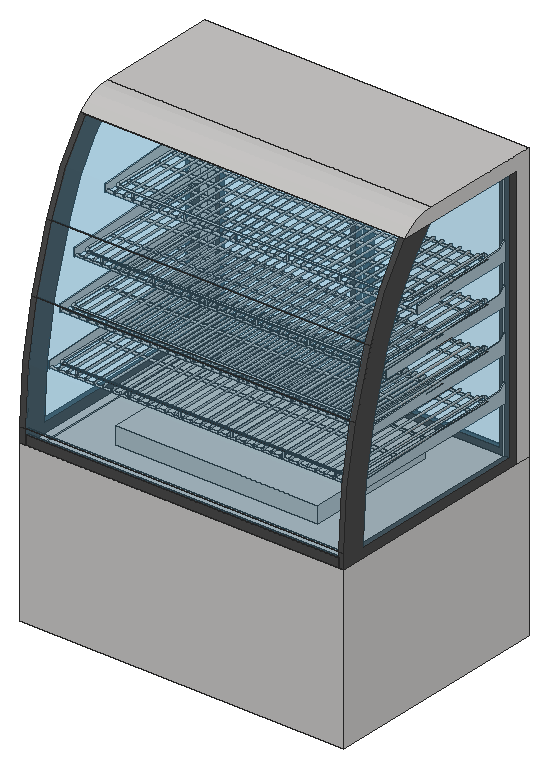
Revit family "QF_FESTIVE_LH9", category Specialty Equipment, Revit 2020
Family settings
  Round Connector Dimension = Use Diameter
  Part Type = Normal
  Work Plane-Based = No
  Always vertical = Yes
  Cut with Voids When Loaded = No
  Shared = No
  Room Calculation Point = No
Parameters (values of type "LH9_220-240/50/1")
  Weight in Kilograms = 145
  Watts = if(Phase = 3, Volts * FL Amps * 1.73, Volts * FL Amps)  # 2024 W
  Volts = 220 V
  URL Cutsheet = ""
  Specification by User = ""
  Specification by Manufacturer = ""
  Shelf Length [instance] = Length - 30 mm  # 870 mm
  Serial Number = ""
  Seismic Rating = ""
  SMACNA No = ""
  Revision Code = ""
  Phase = 1
  Number of Poles = 1
  NAFEM Spec ID Number = ""
  Model = "LH9"
  Min Ckt Ampacity = 0 A
  Max Overcurrent Protection = 0 A
  Masterspec = ""
  Manufacturer = "FESTIVE"
  Length = 900 mm
  Item Number = ""
  Installed By = ""
  Identify Quantity as Lot = yes
  Height = 1400 mm
  HP = ""
  Furnished By = ""
  Foodservice Equipment Identifier = yes
  FL Amps = 9.2 A
  Electrical Remarks = ""
  Electric Connection Type = ""
  Elec Conn RI Height = 0 mm
  Elec Conn Connection Height = 0 mm
  Description = "LINCOLN: HEATED"
  Depth = 640 mm
  Default Elevation = 0 mm
  Cycle = 50 Hz
  Conn Plug = "10A Plug"
  Conn Conduit = yes
  CSI MasterFormat = ""
  Base Cover 2 [instance] = Length = 1530 mm  # no
  Base Cover 1 [instance] = Length < 1201 mm  # yes
  Apparent Power = if(Phase = 3, Volts * FL Amps * 1.73, Volts * FL Amps)  # 2024 VA
Reference planes
  plane 1 "BACK": y = 0
  plane 2: z = 0
  plane 3 "LEFT": x = 0
  plane 4 "RIGHT": x = 900
  plane 5 "FRONT": y = -640
  plane 6 "TOP": z = 1240
  plane 7 "Center Y": x = 450
  plane 8 "Center X": y = -320
  plane 9: z = 470
  plane 10: z = 25.4
  plane 11: x = 40
  plane 12: x = 860
  plane 13: x = 15
  plane 14: x = 885
  plane 15: x = 807.5
  plane 16: x = 92.5
  plane 17: y = 15
Forms (mm)
  Extrusion 1, solid, material "QF_Metal - Stainless - Brushed"
    sketch origin (-6096, 34.743, 25.4) x (0, 1, 0) y (-1, 0, 0)
      loop
        line (-34.743, -6096) -> (-674.743, -6096) -> (-674.743, -6996) -> (-34.743, -6996) -> (-34.743, -6956) -> (-634.743, -6956) -> (-634.743, -6136) -> (-34.743, -6136) -> (-34.743, -6096)
    from 0 to 444.6
  Extrusion 2, solid, material "QF_Metal - Stainless - Brushed"
    sketch origin (-6096, 152.961, 470) x (0, 1, 0) y (-1, 0, 0)
      loop
        line (-152.961, -6996) -> (-152.961, -6956) -> (-192.961, -6956) -> (-192.961, -6996) -> (-152.961, -6996)
      loop
        line (-152.961, -6096) -> (-192.961, -6096) -> (-192.961, -6136) -> (-152.961, -6136) -> (-152.961, -6096)
    from 0 to 770
  Extrusion 3, solid, material "Glass"
    sketch origin (0, 0, 0) x (0, 1, 0) y (0, 0, 1)
      loop
        line (-55, 1200) -> (-343.102, 1200)
        arc (-343.102, 1200) -> (-425.006, 1093.038) -> (-482.383, 971.149) r 632.075
        arc (-482.383, 971.149) -> (-509.905, 886.436) -> (-534.265, 800.759) r 2399.94
        arc (-534.265, 800.759) -> (-564.004, 644.548) -> (-571.576, 485.711) r 1132.811
        line (-571.576, 485.711) -> (-55, 485.711) -> (-55, 1200)
    from 0 to 15
  Extrusion 4, solid, material "Glass"
    sketch origin (900, 0, 0) x (0, -1, 0) y (0, 0, 1)
      loop
        line (55, 1200) -> (55, 485) -> (574.724, 485)
        arc (574.724, 485) -> (567.049, 644.057) -> (537.168, 800.47) r 1134.026
        arc (537.168, 800.47) -> (513.547, 883.55) -> (486.952, 965.728) r 2401.095
        arc (486.952, 965.728) -> (427.946, 1090.797) -> (343.102, 1200) r 630.727
        line (343.102, 1200) -> (55, 1200)
    from 0 to 15
  Extrusion 5, solid, material "QF_Metal - Stainless - Brushed"
    sketch origin (389.467, 0, -196.242) x (1, 0, 0) y (0, 0, -1)
      loop
        line (450.695, -399.744) -> (450.695, -299.744) -> (360.695, -299.744) -> (360.695, -399.744) -> (450.695, -399.744)
    from 0 to 15
  Extrusion 6, solid, material "QF_Metal - Stainless - Brushed"
    sketch origin (0, 0, 0) x (1, 0, 0) y (0, 0, 1)
      loop
        line (860, 376.925) -> (40, 376.925) -> (40, 70.07) -> (145, 70.07) -> (145, 31.8) -> (755, 31.8) -> (755, 69.875) -> (860, 69.875) -> (860, 376.925)
    from 0 to 600
  Extrusion 7, solid
    sketch origin (0, 0, 0) x (-1, 0, 0) y (0, 0, 1)
      loop
        circle (-745, 36.8) r 5
    from 0 to 3.2
  Extrusion 8, solid, material "QF_Metal - Stainless - Brushed"
    sketch origin (860, 0, 25.4) x (1, 0, 0) y (0, 0, -1)
      loop
        line (0, -351.525) -> (-820, -351.525) -> (-820, -444.6) -> (0, -444.6) -> (0, -351.525)
      loop
        line (0, 0) -> (-820, 0) -> (-820, -6.4) -> (0, -6.4) -> (0, 0)
    from 0 to -3.2
  Extrusion 9, solid, material "QF_Plastic - Red - Smooth"
    sketch origin (389.467, 15, -196.242) x (1, 0, 0) y (0, 0, -1)
      loop
        line (432.495, -336.936) -> (432.495, -311.419) -> (423.895, -311.419) -> (423.895, -336.936) -> (432.495, -336.936)
      loop
        line (387.495, -336.936) -> (387.495, -311.419) -> (378.895, -311.419) -> (378.895, -336.936) -> (387.495, -336.936)
    from 0 to 3.2
  Extrusion 10, solid, material "QF_Plastic - Black - Smooth"
    sketch origin (0, 0, 0) x (0, 1, 0) y (0, 0, 1)
      loop
        line (-40, 470) -> (-40, 1200) -> (-65, 1200) -> (-65, 495) -> (-575, 495) -> (-575, 510)
        arc (-575, 510) -> (-565.502, 656.462) -> (-537.168, 800.47) r 1134.026
        arc (-537.168, 800.47) -> (-513.547, 883.55) -> (-486.952, 965.728) r 2401.095
        arc (-486.952, 965.728) -> (-427.946, 1090.797) -> (-343.102, 1200) r 630.727
        line (-343.102, 1200) -> (-430, 1200)
        arc (-430, 1200) -> (-498.623, 1098.654) -> (-548.424, 986.85) r 695.727
        arc (-548.424, 986.85) -> (-575.739, 902.449) -> (-600, 817.119) r 2466.095
        arc (-600, 817.119) -> (-629.958, 664.856) -> (-640, 510) r 1199.026
        line (-640, 510) -> (-640, 470) -> (-40, 470)
    from 0 to 15
  Extrusion 11, solid, material "QF_Metal - Stainless - Brushed"
    sketch origin (0, 0, 0) x (0, 1, 0) y (0, 0, 1)
      loop
        line (0, 1200) -> (0, 1240) -> (-335, 1240)
        arc (-335, 1240) -> (-386.539, 1229.592) -> (-430, 1200) r 132.813
        line (-430, 1200) -> (0, 1200)
    from 0 to 900
  Extrusion 12, solid, material "QF_Plastic - Black - Smooth"
    sketch origin (900, 0, 0) x (0, -1, 0) y (0, 0, 1)
      loop
        line (40, 470) -> (640, 470) -> (640, 510)
        arc (640, 510) -> (629.958, 664.856) -> (600, 817.119) r 1199.026
        arc (600, 817.119) -> (575.739, 902.449) -> (548.424, 986.85) r 2466.095
        arc (548.424, 986.85) -> (498.623, 1098.654) -> (430, 1200) r 695.727
        line (430, 1200) -> (343.102, 1200)
        arc (343.102, 1200) -> (427.946, 1090.797) -> (486.952, 965.728) r 630.727
        arc (486.952, 965.728) -> (513.547, 883.55) -> (537.168, 800.47) r 2401.095
        arc (537.168, 800.47) -> (565.502, 656.462) -> (575, 510) r 1134.026
        line (575, 510) -> (575, 495) -> (65, 495) -> (65, 1200) -> (40, 1200) -> (40, 470)
    from 0 to 15
  Extrusion 13, solid, material "Glass"
    sketch origin (0, 0, 0) x (0, 1, 0) y (0, 0, 1)
      loop
        arc (-548.424, 986.85) -> (-575.739, 902.449) -> (-600, 817.119) r 2466.095
        arc (-600, 817.119) -> (-629.958, 664.856) -> (-640, 510) r 1199.026
        line (-640, 510) -> (-640, 495) -> (-633.6, 495) -> (-633.6, 510)
        arc (-633.6, 510) -> (-623.612, 664.03) -> (-593.814, 815.48) r 1192.626
        arc (-593.814, 815.48) -> (-569.615, 900.588) -> (-542.371, 984.771) r 2459.695
        arc (-542.371, 984.771) -> (-491.755, 1097.827) -> (-421.722, 1200) r 689.327
        line (-421.722, 1200) -> (-430, 1200)
        arc (-430, 1200) -> (-498.623, 1098.654) -> (-548.424, 986.85) r 695.727
    from 15 to 885
  Extrusion 14, solid, material "QF_Metal - Stainless - Brushed"
    sketch origin (-6096, 34.743, 470) x (0, 1, 0) y (-1, 0, 0)
      loop
        line (-634.743, -6136) -> (-634.743, -6956) -> (-34.743, -6956) -> (-34.743, -6136) -> (-634.743, -6136)
    from 0 to -20
  Extrusion 15, solid, material "QF_Metal - Stainless - Brushed", visible <- "Base Cover 1"
    sketch origin (-6096, 34.743, 470) x (0, 1, 0) y (-1, 0, 0)
      loop
        line (-183.538, -6266) -> (-553.538, -6266) -> (-553.538, -6826) -> (-183.538, -6826) -> (-183.538, -6266)
    from 0 to 47.182
  Extrusion 16, solid, material "QF_Plastic - Black - Smooth"
    sketch origin (15, 0, 0) x (0, 1, 0) y (0, 0, 1)
      loop
        line (-633.6, 495) -> (-640, 495) -> (-640, 470) -> (-633.6, 470) -> (-633.6, 495)
    from 0 to 870
  Extrusion 17, solid, material "QF_Metal - Stainless - Brushed", visible <- "Base Cover 2"
    sketch origin (-6096, 34.743, 470) x (0, 1, 0) y (-1, 0, 0)
      loop
        line (-183.538, -6266) -> (-553.538, -6266) -> (-553.538, -6526) -> (-183.538, -6526) -> (-183.538, -6266)
      loop
        line (-553.538, -6826) -> (-183.538, -6826) -> (-183.538, -6566) -> (-553.538, -6566) -> (-553.538, -6826)
    from 0 to 47.182
Cuts and joins
  joined: Extrusion 2, Extrusion 11
Lines and regions (mm)
  Split face 1
    outline origin (410.303, 15, -237.471) x (1, 0, 0) y (0, 0, -1)
      loop
        line (414.859, -381.365) -> (414.859, -349.447) -> (399.859, -349.447) -> (399.859, -381.365) -> (414.859, -381.365)
  Split face 2
    outline origin (580.021, 15, -155.014) x (-1, 0, 0) y (0, 0, 1)
      loop
        line (-185.141, 298.908) -> (-200.141, 298.908) -> (-200.141, 266.99) -> (-185.141, 266.99) -> (-185.141, 298.908)
  Split face 3
    outline origin (389.467, 15, -196.242) x (1, 0, 0) y (0, 0, -1)
      loop
        arc (439.445, -393.619) -> (443.667, -377.428) -> (439.445, -361.238) r 33.153
        line (439.445, -361.238) -> (371.945, -361.238)
        arc (371.945, -361.238) -> (367.723, -377.428) -> (371.945, -393.619) r 33.153
        line (371.945, -393.619) -> (439.445, -393.619)
  Split face 4
    outline origin (389.467, 15, -196.242) x (1, 0, 0) y (0, 0, -1)
      loop
        arc (435.695, -388.563) -> (437.031, -377.507) -> (435.695, -366.451) r 46.41
        line (435.695, -366.451) -> (395.695, -366.451) -> (395.695, -388.563) -> (435.695, -388.563)
  symbolic lines
    curve 1: line (0, 0, 1240) -> (900, 0, 1240)
    curve 2: line (0, -640, 1240) -> (0, 0, 1240)
    curve 3: line (900, -640, 1240) -> (0, -640, 1240)
    curve 4: line (900, 0, 1240) -> (900, -640, 1240)
    curve 5: line (0, -430, 1240) -> (900, -430, 1240)
    curve 6: line (885, -430, 1240) -> (885, -640, 1240)
    curve 7: line (15, -430, 1240) -> (15, -640, 1240)
    curve 8: line (750.162, 15, 1240) -> (750.162, 0, 1240)
    curve 9: line (840.162, 15, 1240) -> (750.162, 15, 1240)
    curve 10: line (840.162, 0, 1240) -> (840.162, 15, 1240)
Dimensions and locks
  equal spacing: plane 3 "LEFT", plane 7 "Center Y", plane 4 "RIGHT"
  "Length": plane 3 "LEFT" to plane 4 "RIGHT"
  equal spacing: plane 5 "FRONT", plane 8 "Center X", plane 1 "BACK"
  "Depth": plane 5 "FRONT" to plane 1 "BACK"
  plane 6 "TOP" to plane 9 to level = 770 mm, 470 mm  (x2)
  plane 1 "BACK" to plane 5 "FRONT" = 640 mm
  locked: plane 11 to plane 3 "LEFT" at 40
  locked: plane 12 to plane 4 "RIGHT" at 40
  locked: plane 3 "LEFT" to plane 13 at 15
  locked: plane 4 "RIGHT" to plane 14 at 15
  locked: plane 5 "FRONT" to nested 5 at 45
  locked: plane 5 "FRONT" to nested 4 at 45
  locked: plane 15 to plane 4 "RIGHT" at 92.5
  locked: plane 16 to plane 3 "LEFT" at 92.5
  plane 1 "BACK" to plane 17 = 15 mm
  Extrusion 17 sketch curve to plane 7 "Center Y" to Extrusion 17 sketch curve = 20 mm locked, 20 mm locked
  locked: plane 7 "Center Y" to nested 9 at 20
  locked: plane 7 "Center Y" to nested 10 at 20
  aligned and locked: level to plane 2
  aligned and locked: plane 9 to Extrusion 1
  aligned and locked: plane 6 "TOP" to Extrusion 2
  aligned and locked: plane 16 to nested 3
  aligned and locked: plane 16 to nested 4
  aligned and locked: nested 6 to plane 15
  aligned and locked: nested 5 to plane 15
  aligned and locked: Extrusion 1 to Extrusion 8 sketch curve  (x2)
  aligned and locked: Extrusion 8 sketch curve to Extrusion 1  (x2)
  aligned and locked: plane 13 to Extrusion 13
  aligned and locked: Extrusion 13 to plane 14
  aligned and locked: cut or joined group of Extrusion 2, Extrusion 11 to plane 4 "RIGHT"
  aligned and locked: Extrusion 16 to Extrusion 12
  aligned and locked: plane 12 to nested 10
  aligned and locked: plane 11 to nested 9
Automatic sketch dimensions
  Extrusion 1 sketch curve to plane 3 "LEFT" = 0 mm
  plane 5 "FRONT" to Extrusion 1 sketch curve = 0 mm
  Extrusion 1 sketch curve to plane 12 = 0 mm
  Extrusion 1 sketch curve to plane 11 = 0 mm
  plane 1 "BACK" to Extrusion 1 sketch curve = 0 mm  (x2)
  Extrusion 1 sketch curve to plane 4 "RIGHT" = 0 mm
  Extrusion 1 sketch curve to plane 5 "FRONT" = 40 mm
  Extrusion 2 sketch curve to plane 11 = 0 mm
  Extrusion 2 sketch curve to plane 4 "RIGHT" = 0 mm
  Extrusion 2 sketch curve to plane 3 "LEFT" = 0 mm
  Extrusion 2 sketch curve to plane 12 = 0 mm
  plane 1 "BACK" to Extrusion 2 sketch curve = 0 mm  (x2)
  Extrusion 2 sketch curve to Extrusion 2 sketch curve = 40 mm  (x2)
  plane 9 to Extrusion 3 sketch curve = 15.711 mm
  Extrusion 3 sketch curve to plane 5 "FRONT" = 68.424 mm
  Extrusion 3 sketch curve to plane 8 "Center X" = 23.102 mm
  Extrusion 3 sketch curve to plane 6 "TOP" = 40 mm
  plane 1 "BACK" to Extrusion 3 sketch curve = 55 mm
  plane 17 to Extrusion 3 sketch curve = 99.932 mm
  plane 9 to Extrusion 3 sketch curve = 41.322 mm
  Extrusion 3 sketch curve to Extrusion 3 sketch curve = 446.013 mm
  plane 10 to Extrusion 3 sketch curve = 161.959 mm
  Extrusion 3 sketch curve to Extrusion 3 sketch curve = 1225.017 mm
  Extrusion 3 sketch curve to Extrusion 3 sketch curve = 278.715 mm
  Extrusion 3 sketch curve to plane 5 "FRONT" = 105.735 mm
  plane 10 to Extrusion 4 sketch curve = 160.052 mm
  plane 17 to Extrusion 4 sketch curve = 1768.825 mm
  plane 9 to Extrusion 4 sketch curve = 40 mm
  plane 17 to Extrusion 4 sketch curve = 544.026 mm
  plane 17 to Extrusion 4 sketch curve = 94.542 mm
  plane 9 to Extrusion 4 sketch curve = 15 mm
  plane 1 "BACK" to Extrusion 4 sketch curve = 55 mm
  Extrusion 4 sketch curve to plane 8 "Center X" = 23.102 mm
  Extrusion 4 sketch curve to plane 5 "FRONT" = 65.276 mm
  plane 9 to Extrusion 4 sketch curve = 290.763 mm
  Extrusion 4 sketch curve to plane 6 "TOP" = 40 mm
  Extrusion 4 sketch curve to Extrusion 4 sketch curve = 0 mm
  curve 4 to plane 4 "RIGHT" = 0 mm
  curve 6 to plane 14 = 0 mm
  plane 5 "FRONT" to curve 7 = 0 mm
  curve 7 to plane 13 = 0 mm
  curve 3 to plane 3 "LEFT" = 0 mm
  plane 1 "BACK" to curve 1 = 0 mm
  curve 5 to plane 8 "Center X" = 110 mm
  plane 15 to Extrusion 5 sketch curve = 57.338 mm
  plane 12 to Extrusion 5 sketch curve = 19.838 mm
  plane 10 to Extrusion 5 sketch curve = 178.101 mm
  plane 10 to Extrusion 5 sketch curve = 78.101 mm
  Split face 1 sketch curve to Extrusion 5 = 30 mm
  Split face 1 sketch curve to Extrusion 5 = 15 mm
  Split face 1 sketch curve to Extrusion 5 = 40.393 mm
  Split face 1 sketch curve to Extrusion 5 = 8.475 mm
  Extrusion 6 sketch curve to plane 11 = 0 mm
  plane 12 to Extrusion 6 sketch curve = 0 mm
  plane 10 to Extrusion 6 sketch curve = 6.4 mm
  plane 16 to Extrusion 6 sketch curve = 52.5 mm
  plane 15 to Extrusion 6 sketch curve = 52.5 mm
  plane 10 to Extrusion 6 sketch curve = 44.475 mm
  Extrusion 6 sketch curve to Extrusion 6 sketch curve = 38.27 mm
  Extrusion 6 sketch curve to plane 9 = 93.075 mm
  Extrusion 7 sketch curve to Extrusion 6 = 10 mm
  Extrusion 7 sketch curve to Extrusion 6 = 5 mm
  Extrusion 8 sketch curve to Extrusion 1 = 0 mm  (x2)
  Extrusion 1 to Extrusion 8 sketch curve = 93.075 mm
  Extrusion 8 sketch curve to Extrusion 8 sketch curve = 6.4 mm
  Split face 2 sketch curve to Extrusion 5 = 30 mm
  Split face 2 sketch curve to Extrusion 5 = 15 mm
  Split face 2 sketch curve to Extrusion 5 = 8.475 mm
  Split face 2 sketch curve to Split face 2 sketch curve = 31.918 mm
  Split face 3 sketch curve to Extrusion 5 = 11.25 mm  (x4)
  Split face 3 sketch curve to Split face 3 sketch curve = 28.931 mm
  Split face 3 sketch curve to Split face 3 sketch curve = 9.638 mm
  Split face 3 sketch curve to Extrusion 5 = 6.125 mm
  Split face 3 sketch curve to Extrusion 5 = 22.316 mm
  Extrusion 9 sketch curve to Extrusion 5 = 18.2 mm
  Extrusion 9 sketch curve to Extrusion 9 sketch curve = 8.6 mm  (x2)
  Extrusion 9 sketch curve to Extrusion 5 = 26.8 mm
  Extrusion 9 sketch curve to Extrusion 5 = 37.193 mm  (x2)
  Extrusion 9 sketch curve to Extrusion 5 = 11.675 mm  (x2)
  Split face 4 sketch curve to Extrusion 5 = 29.926 mm
  Split face 4 sketch curve to Split face 4 sketch curve = 5.074 mm
  Split face 4 sketch curve to Extrusion 5 = 15 mm  (x2)
  Split face 4 sketch curve to Extrusion 5 = 11.181 mm
  Split face 4 sketch curve to Split face 4 sketch curve = 11.056 mm
  Extrusion 10 sketch curve to Extrusion 10 sketch curve = 0 mm  (x8)
  Extrusion 10 sketch curve to plane 5 "FRONT" = 0 mm
  Extrusion 10 sketch curve to plane 9 = 0 mm
  plane 9 to Extrusion 10 sketch curve = 25 mm
  Extrusion 10 sketch curve to plane 5 "FRONT" = 65 mm
  Extrusion 10 sketch curve to plane 6 "TOP" = 40 mm  (x2)
  Extrusion 10 sketch curve to plane 8 "Center X" = 110 mm
  Extrusion 10 sketch curve to plane 8 "Center X" = 23.102 mm
  plane 1 "BACK" to Extrusion 10 sketch curve = 65 mm
  Extrusion 10 sketch curve to Extrusion 10 sketch curve = 25 mm
  plane 17 to Extrusion 10 sketch curve = 94.542 mm
  plane 9 to Extrusion 10 sketch curve = 40 mm
  Extrusion 10 sketch curve to Extrusion 10 sketch curve = 449.483 mm
  plane 10 to Extrusion 10 sketch curve = 160.052 mm
  Extrusion 10 sketch curve to Extrusion 10 sketch curve = 1224.8 mm
  plane 9 to Extrusion 10 sketch curve = 290.763 mm
  Extrusion 11 sketch curve to plane 6 "TOP" = 0 mm
  Extrusion 11 sketch curve to plane 1 "BACK" = 0 mm
  Extrusion 11 sketch curve to plane 8 "Center X" = 15 mm
  Extrusion 11 sketch curve to plane 6 "TOP" = 40 mm
  Extrusion 11 sketch curve to Extrusion 11 sketch curve = 95 mm
  Extrusion 12 sketch curve to Extrusion 12 sketch curve = 0 mm  (x8)
  Extrusion 12 sketch curve to plane 9 = 0 mm
  Extrusion 12 sketch curve to plane 5 "FRONT" = 0 mm
  plane 9 to Extrusion 12 sketch curve = 25 mm
  Extrusion 12 sketch curve to plane 5 "FRONT" = 65 mm
  Extrusion 12 sketch curve to plane 6 "TOP" = 40 mm  (x2)
  Extrusion 12 sketch curve to plane 8 "Center X" = 110 mm
  Extrusion 12 sketch curve to plane 8 "Center X" = 23.102 mm
  plane 1 "BACK" to Extrusion 12 sketch curve = 65 mm
  Extrusion 12 sketch curve to Extrusion 12 sketch curve = 25 mm
  plane 17 to Extrusion 12 sketch curve = 94.542 mm
  plane 9 to Extrusion 12 sketch curve = 40 mm
  Extrusion 12 sketch curve to Extrusion 12 sketch curve = 449.483 mm
  plane 10 to Extrusion 12 sketch curve = 160.052 mm
  Extrusion 12 sketch curve to Extrusion 12 sketch curve = 1224.8 mm
  plane 9 to Extrusion 12 sketch curve = 290.763 mm
  Extrusion 13 sketch curve to Extrusion 13 sketch curve = 0 mm  (x8)
  Extrusion 13 sketch curve to plane 5 "FRONT" = 0 mm
  Extrusion 13 sketch curve to plane 5 "FRONT" = 6.4 mm
  Extrusion 13 sketch curve to plane 8 "Center X" = 110 mm
  Extrusion 13 sketch curve to Extrusion 13 sketch curve = 8.278 mm
  plane 17 to Extrusion 13 sketch curve = 94.542 mm
  plane 9 to Extrusion 13 sketch curve = 40 mm
  Extrusion 13 sketch curve to Extrusion 13 sketch curve = 449.483 mm
  plane 10 to Extrusion 13 sketch curve = 160.052 mm
  Extrusion 13 sketch curve to Extrusion 13 sketch curve = 1224.8 mm
  Extrusion 13 sketch curve to Extrusion 13 sketch curve = 15 mm
  plane 9 to Extrusion 13 sketch curve = 290.763 mm
  Extrusion 13 sketch curve to plane 6 "TOP" = 40 mm
  Extrusion 14 sketch curve to Extrusion 1 = 0 mm  (x3)
  Extrusion 1 to Extrusion 14 sketch curve = 0 mm
  Extrusion 15 sketch curve to plane 5 "FRONT" = 121.205 mm
  plane 1 "BACK" to Extrusion 15 sketch curve = 148.795 mm
  plane 15 to Extrusion 15 sketch curve = 77.5 mm
  plane 16 to Extrusion 15 sketch curve = 77.5 mm
  Extrusion 16 sketch curve to Extrusion 10 = 0 mm  (x2)
  Extrusion 10 to Extrusion 16 sketch curve = 0 mm
  Extrusion 16 sketch curve to Extrusion 10 = 6.4 mm
  plane 1 "BACK" to curve 10 = 0 mm
  curve 9 to plane 17 = 0 mm
  plane 1 "BACK" to curve 8 = 0 mm
  plane 12 to curve 9 = 19.838 mm
  plane 15 to curve 9 = 57.338 mm
  Extrusion 17 sketch curve to plane 5 "FRONT" = 121.205 mm  (x2)
  plane 1 "BACK" to Extrusion 17 sketch curve = 148.795 mm  (x2)
  plane 15 to Extrusion 17 sketch curve = 77.5 mm
  plane 16 to Extrusion 17 sketch curve = 77.5 mm
  radius of Extrusion 7 sketch curve = 5 mm
Nested families
  nested 1: "PARAMETRIC SHELF" at (15, -40, 866.071), Length <- "Shelf Length", type "PARAMETRIC SHELF"
    with Rail Depth 382 mm, Rail 2 6, No. of Rail 34, Length 870 mm, Depth 432 mm
  nested 2: "PARAMETRIC SHELF" at (15, -40, 748.214), Length <- "Shelf Length", type "PARAMETRIC SHELF"
    with Rail Depth 430 mm, Rail 2 6, No. of Rail 34, Length 870 mm, Depth 480 mm
  nested 3: "3 INCHES 01_CASTER" at (92.5, -65, 0), type "3 INCHES 01_CASTER"
    with Type Mark "", Specification by User "", Revision Code "", Item Number "", Installed By "", Identify Quantity as Lot yes, Furnished By "", Foodservice Equipment Identifier yes, 3 Inches Caster yes
  nested 4: "3 INCHES 01_CASTER" at (92.5, -595, 0), type "3 INCHES 01_CASTER"
    with Type Mark "", Specification by User "", Revision Code "", Item Number "", Installed By "", Identify Quantity as Lot yes, Furnished By "", Foodservice Equipment Identifier yes, 3 Inches Caster yes
  nested 5: "3 INCHES 01_CASTER" at (807.5, -595, 0), type "3 INCHES 01_CASTER"
    with Type Mark "", Specification by User "", Revision Code "", Item Number "", Installed By "", Identify Quantity as Lot yes, Furnished By "", Foodservice Equipment Identifier yes, 3 Inches Caster yes
  nested 6: "3 INCHES 01_CASTER" at (807.5, -65, 0), type "3 INCHES 01_CASTER"
    with Type Mark "", Specification by User "", Revision Code "", Item Number "", Installed By "", Identify Quantity as Lot yes, Furnished By "", Foodservice Equipment Identifier yes, 3 Inches Caster yes
  nested 7: "PARAMETRIC SHELF" at (15, -40, 978.929), Length <- "Shelf Length", type "PARAMETRIC SHELF"
    with Rail Depth 275 mm, Rail 2 6, No. of Rail 34, Length 870 mm, Depth 325 mm
  nested 8: "PARAMETRIC SHELF" at (15, -40, 625.357), Length <- "Shelf Length", type "PARAMETRIC SHELF"
    with Rail Depth 470 mm, Rail 2 6, No. of Rail 34, Length 870 mm, Depth 520 mm
  nested 9: "PARAMETRIC WINDOW" at (40, 0, 0), type "PARAMETRIC WINDOW"
    with Window Assembly yes, Length 430 mm
  nested 10: "PARAMETRIC WINDOW" at (430, -15, 0), type "PARAMETRIC WINDOW"
    with Window Assembly yes, Length 430 mm
Connectors
  electrical at (745, 3.2, 36.8), driven by "Volts", driven by "Watts"
    settings: on Extrusion 7, index 2, voltage 220 V, apparent load 2024 VA, apparent load phase1 0 VA, apparent load phase2 0 VA, apparent load phase3 0 VA, power factor 1, load classification "Other", number of poles 1, system type 30, power factor state 1, is connector primary yes, connector utility no, sub classification motor no, connector description "ELECTRICAL CONNECTION"
Definition of nested family "PARAMETRIC SHELF"
  Parameters (values of type "PARAMETRIC SHELF")
    Weight in Pounds = 0
    URL Cutsheet = ""
    Specification by User = ""
    Specification by Manufacturer = ""
    Serial Number = ""
    Seismic Rating = ""
    SMACNA No = ""
    Revision Code = ""
    Rail Depth [instance] = Depth - 50 mm  # 367 mm
    Rail 2 [instance] = Length / 150 mm  # 4
    No. of Rail [instance] = Length / 25.4 mm  # 24
    NAFEM Spec ID Number = ""
    Masterspec = ""
    Length [instance] = 600 mm
    Item Number = ""
    Installed By = ""
    Identify Quantity as Lot = yes
    Height = 220 mm
    Furnished By = ""
    Foodservice Equipment Identifier = yes
    Depth [instance] = 417 mm
    Default Elevation = 0 mm
    CSI MasterFormat = ""
  Reference planes
    plane 1 "BACK": y = 0
    plane 2: z = 0
    plane 3 "LEFT": x = 0
    plane 4 "RIGHT": x = 600
    plane 5 "FRONT": y = -417
    plane 6 "TOP": z = 220
    plane 7 "Center Y": x = 300
    plane 8 "Center X": y = -208.5
    plane 9: x = 28.6
    plane 10: x = 571.4
    plane 11: x = 3.2
    plane 12: x = 596.8
  Forms (mm)
    Extrusion 1, solid
      sketch origin (0, -4517, 280.761) x (0, 0, 1) y (0, -1, 0)
        loop
          line (-244.023, -4477) -> (-261.193, -4100) -> (-280.761, -4100) -> (-280.761, -4502.438) -> (-295.323, -4517) -> (-217.773, -4517) -> (-217.773, -4508.448) -> (-244.023, -4477)
      from 0 to 3.2
    Extrusion 2, solid
      sketch origin (600, 0, 0) x (0, -1, 0) y (0, 0, 1)
        loop
          line (40, 36.738) -> (8.552, 62.988) -> (0, 62.988) -> (0, -14.562) -> (14.562, 0) -> (417, 0) -> (417, 19.568) -> (40, 36.738)
      from 0 to 3.2
    Extrusion 3, solid
      sketch origin (3.2, -4572, 62.788) x (0, 0, 1) y (0, -1, 0)
        loop
          circle (-59.788, -4158) r 3
        loop
          circle (-59.788, -4268) r 3
        loop
          circle (-59.788, -4368) r 3
        loop
          circle (-59.788, -4471.515) r 3
        loop
          circle (-59.788, -4519.015) r 3
      from 0 to 593.6
    Extrusion 4, solid
      sketch origin (20.4, -417, 21.873) x (0, 0, 1) y (1, 0, 0)
        loop
          circle (-13.368, 8.2) r 2.5
      from 0 to 367 <- "Rail Depth"
    Extrusion 5, solid
      sketch origin (563.2, -417, 21.873) x (0, 0, 1) y (1, 0, 0)
        loop
          circle (-13.368, 8.2) r 2.5
      from 0 to 367 <- "Rail Depth"
    Extrusion 6, solid
      sketch origin (44, -417, 21.873) x (0, 0, 1) y (1, 0, 0)
        loop
          circle (-13.368, 8.2) r 2.5
      from 0 to 367 <- "Rail Depth"
    Extrusion 7, solid
      sketch origin (67.6, -417, 21.873) x (0, 0, 1) y (1, 0, 0)
        loop
          circle (-13.368, 8.2) r 2.5
      from 0 to 367 <- "Rail Depth"
    Extrusion 8, solid
      sketch origin (91.2, -417, 21.873) x (0, 0, 1) y (1, 0, 0)
        loop
          circle (-13.368, 8.2) r 2.5
      from 0 to 367 <- "Rail Depth"
    Extrusion 9, solid
      sketch origin (114.8, -417, 21.873) x (0, 0, 1) y (1, 0, 0)
        loop
          circle (-13.368, 8.2) r 2.5
      from 0 to 367 <- "Rail Depth"
    Extrusion 10, solid
      sketch origin (138.4, -417, 21.873) x (0, 0, 1) y (1, 0, 0)
        loop
          circle (-13.368, 8.2) r 2.5
      from 0 to 367 <- "Rail Depth"
    Extrusion 11, solid
      sketch origin (162, -417, 21.873) x (0, 0, 1) y (1, 0, 0)
        loop
          circle (-13.368, 8.2) r 2.5
      from 0 to 367 <- "Rail Depth"
    Extrusion 12, solid
      sketch origin (185.6, -417, 21.873) x (0, 0, 1) y (1, 0, 0)
        loop
          circle (-13.368, 8.2) r 2.5
      from 0 to 367 <- "Rail Depth"
    Extrusion 13, solid
      sketch origin (209.2, -417, 21.873) x (0, 0, 1) y (1, 0, 0)
        loop
          circle (-13.368, 8.2) r 2.5
      from 0 to 367 <- "Rail Depth"
    Extrusion 14, solid
      sketch origin (232.8, -417, 21.873) x (0, 0, 1) y (1, 0, 0)
        loop
          circle (-13.368, 8.2) r 2.5
      from 0 to 367 <- "Rail Depth"
    Extrusion 15, solid
      sketch origin (256.4, -417, 21.873) x (0, 0, 1) y (1, 0, 0)
        loop
          circle (-13.368, 8.2) r 2.5
      from 0 to 367 <- "Rail Depth"
    Extrusion 16, solid
      sketch origin (280, -417, 21.873) x (0, 0, 1) y (1, 0, 0)
        loop
          circle (-13.368, 8.2) r 2.5
      from 0 to 367 <- "Rail Depth"
    Extrusion 17, solid
      sketch origin (303.6, -417, 21.873) x (0, 0, 1) y (1, 0, 0)
        loop
          circle (-13.368, 8.2) r 2.5
      from 0 to 367 <- "Rail Depth"
    Extrusion 18, solid
      sketch origin (327.2, -417, 21.873) x (0, 0, 1) y (1, 0, 0)
        loop
          circle (-13.368, 8.2) r 2.5
      from 0 to 367 <- "Rail Depth"
    Extrusion 19, solid
      sketch origin (350.8, -417, 21.873) x (0, 0, 1) y (1, 0, 0)
        loop
          circle (-13.368, 8.2) r 2.5
      from 0 to 367 <- "Rail Depth"
    Extrusion 20, solid
      sketch origin (374.4, -417, 21.873) x (0, 0, 1) y (1, 0, 0)
        loop
          circle (-13.368, 8.2) r 2.5
      from 0 to 367 <- "Rail Depth"
    Extrusion 21, solid
      sketch origin (398, -417, 21.873) x (0, 0, 1) y (1, 0, 0)
        loop
          circle (-13.368, 8.2) r 2.5
      from 0 to 367 <- "Rail Depth"
    Extrusion 22, solid
      sketch origin (421.6, -417, 21.873) x (0, 0, 1) y (1, 0, 0)
        loop
          circle (-13.368, 8.2) r 2.5
      from 0 to 367 <- "Rail Depth"
    Extrusion 23, solid
      sketch origin (445.2, -417, 21.873) x (0, 0, 1) y (1, 0, 0)
        loop
          circle (-13.368, 8.2) r 2.5
      from 0 to 367 <- "Rail Depth"
    Extrusion 24, solid
      sketch origin (468.8, -417, 21.873) x (0, 0, 1) y (1, 0, 0)
        loop
          circle (-13.368, 8.2) r 2.5
      from 0 to 367 <- "Rail Depth"
    Extrusion 25, solid
      sketch origin (492.4, -417, 21.873) x (0, 0, 1) y (1, 0, 0)
        loop
          circle (-13.368, 8.2) r 2.5
      from 0 to 367 <- "Rail Depth"
    Extrusion 26, solid
      sketch origin (516, -417, 21.873) x (0, 0, 1) y (1, 0, 0)
        loop
          circle (-13.368, 8.2) r 2.5
      from 0 to 367 <- "Rail Depth"
    Extrusion 27, solid
      sketch origin (539.6, -417, 21.873) x (0, 0, 1) y (1, 0, 0)
        loop
          circle (-13.368, 8.2) r 2.5
      from 0 to 367 <- "Rail Depth"
    Sweep 28, solid
      path origin (0, 0, 0) x (1, 0, 0) y (0, 1, 0)
        loop
          line (571.4, -70) -> (571.4, -404)
          arc (571.4, -404) -> (568.471, -411.071) -> (561.4, -414) r 10
          line (561.4, -414) -> (38.6, -414)
          arc (38.6, -414) -> (31.529, -411.071) -> (28.6, -404) r 10
          line (28.6, -404) -> (28.6, -70)
      profile origin (571.4, -237, 0) x (1, 0, 0) y (0, 0, 1)
        loop
          circle (0, 23.505) r 2.5
    Sweep 29, solid
      path origin (28.6, -4572, 11.2) x (0, 0, 1) y (0, -1, 0)
        loop
          line (12.305, -4502) -> (12.305, -4509.015)
          arc (12.305, -4509.015) -> (9.376, -4516.086) -> (2.305, -4519.015) r 10
          line (2.305, -4519.015) -> (-0.376, -4519.015)
      profile origin (28.6, -66.493, 23.505) x (0, 0, 1) y (1, 0, 0)
        loop
          circle (0, 0) r 2.5
    Sweep 30, solid
      path origin (571.4, -4572, 11.2) x (0, 0, 1) y (0, -1, 0)
        loop
          line (12.305, -4502) -> (12.305, -4509.015)
          arc (12.305, -4509.015) -> (9.376, -4516.086) -> (2.305, -4519.015) r 10
          line (2.305, -4519.015) -> (-0.376, -4519.015)
      profile origin (571.4, -66.493, 23.505) x (0, 0, -1) y (-1, 0, 0)
        loop
          circle (0, 0) r 2.5
    Extrusion 31, solid
      sketch origin (0, 0, 0) x (1, 0, 0) y (0, 1, 0)
        loop
          circle (75.8, -414.118) r 2
      from 5.989 to 23.272
    Extrusion 32, solid
      sketch origin (448.4, 0, 0) x (1, 0, 0) y (0, 1, 0)
        loop
          circle (75.8, -414.118) r 2
      from 5.989 to 23.272
    Extrusion 33, solid
      sketch origin (149.467, 0, 0) x (1, 0, 0) y (0, 1, 0)
        loop
          circle (75.8, -414.118) r 2
      from 5.989 to 23.272
    Extrusion 34, solid
      sketch origin (298.933, 0, 0) x (1, 0, 0) y (0, 1, 0)
        loop
          circle (75.8, -414.118) r 2
      from 5.989 to 23.272
  Cuts and joins
    joined: Sweep 28, Sweep 29, Sweep 30
  Lines and regions (mm)
    symbolic lines
      curve 1: line (0, 0, 0) -> (600, 0, 0)
      curve 2: line (0, -417, 0) -> (0, 0, 0)
      curve 3: line (600, -417, 0) -> (0, -417, 0)
      curve 4: line (600, 0, 0) -> (600, -417, 0)
  Dimensions and locks
    equal spacing: plane 3 "LEFT", plane 7 "Center Y", plane 4 "RIGHT"
    "Length": plane 3 "LEFT" to plane 4 "RIGHT"
    equal spacing: plane 5 "FRONT", plane 8 "Center X", plane 1 "BACK"
    "Depth": plane 5 "FRONT" to plane 1 "BACK"
    "Height": plane 6 "TOP" to level
    locked: plane 9 to plane 3 "LEFT" at 28.6
    locked: plane 10 to plane 4 "RIGHT" at 28.6
    locked: plane 12 to plane 4 "RIGHT" at 3.2
    locked: plane 11 to plane 3 "LEFT" at 3.2
    equal spacing: group 1, group 3, group 4, group 5, group 6, group 7, group 8, group 9, group 10, group 11, group 12, group 13, group 14, group 15, group 16, group 17, group 18, group 19, group 20, group 21, group 22, group 23, group 24, group 2  (x3)
    plane 1 "BACK" to Extrusion 3 sketch curve to Extrusion 3 sketch curve = 52.985 mm locked, 47.5 mm locked
    locked: Sweep 28 sketch curve to plane 1 "BACK" at 70  (x2)
    equal spacing: group 25, group 27, group 28, group 26  (x3)
    locked: Extrusion 31 to plane 3 "LEFT" at 73.8
    locked: Extrusion 32 to plane 4 "RIGHT" at 73.8
    locked: Extrusion 31 to plane 5 "FRONT" at 2.882
    locked: Extrusion 32 to plane 5 "FRONT" at 2.882
    aligned and locked: level to plane 2
    aligned and locked: Extrusion 3 to plane 12
    aligned and locked: plane 5 "FRONT" to Extrusion 4
    aligned and locked: plane 5 "FRONT" to Extrusion 5
    aligned and locked: plane 10 to Extrusion 5
  Automatic sketch dimensions
    Extrusion 1 sketch curve to plane 1 "BACK" = 0 mm
    Extrusion 1 sketch curve to level = 0 mm
    Extrusion 1 sketch curve to plane 5 "FRONT" = 0 mm
    Extrusion 1 sketch curve to level = 14.562 mm
    level to Extrusion 1 sketch curve = 19.568 mm
    level to Extrusion 1 sketch curve = 36.738 mm
    plane 1 "BACK" to Extrusion 1 sketch curve = 8.552 mm
    Extrusion 1 sketch curve to Extrusion 1 sketch curve = 26.25 mm
    plane 1 "BACK" to Extrusion 1 sketch curve = 14.562 mm
    plane 1 "BACK" to Extrusion 1 sketch curve = 40 mm
    Extrusion 2 sketch curve to plane 1 "BACK" = 0 mm
    Extrusion 2 sketch curve to level = 0 mm
    Extrusion 2 sketch curve to plane 5 "FRONT" = 0 mm
    plane 1 "BACK" to Extrusion 2 sketch curve = 8.552 mm
    plane 1 "BACK" to Extrusion 2 sketch curve = 14.562 mm
    plane 1 "BACK" to Extrusion 2 sketch curve = 40 mm
    Extrusion 2 sketch curve to level = 14.562 mm
    level to Extrusion 2 sketch curve = 19.568 mm
    level to Extrusion 2 sketch curve = 36.738 mm
    Extrusion 2 sketch curve to Extrusion 2 sketch curve = 26.25 mm
    level to Extrusion 3 sketch curve = 3 mm  (x5)
    plane 8 "Center X" to Extrusion 3 sketch curve = 4.5 mm
    Extrusion 3 sketch curve to plane 8 "Center X" = 95.5 mm
    Extrusion 3 sketch curve to plane 5 "FRONT" = 3 mm
    Sweep 28 sketch curve to plane 9 = 0 mm
    Sweep 28 sketch curve to plane 10 = 0 mm
    Sweep 28 sketch curve to plane 5 "FRONT" = 3 mm
    plane 9 to Sweep 28 sketch curve = 10 mm
    Sweep 28 sketch curve to Sweep 28 sketch curve = 10 mm
    profile plane to Sweep 28 sketch curve = 0 mm
    level to Sweep 28 sketch curve = 23.505 mm
    level to Sweep 29 sketch curve = 13.505 mm
    Sweep 29 sketch curve to Sweep 29 sketch curve = 10 mm
    plane 1 "BACK" to Sweep 29 sketch curve = 52.985 mm
    Sweep 29 sketch curve to Sweep 29 sketch curve = 2.68 mm
    Sweep 29 sketch curve to Sweep 29 sketch curve = 7.015 mm
    Sweep 29 sketch curve to plane 9 = 0 mm
    Sweep 29 sketch curve to profile plane = 0 mm
    Sweep 30 sketch curve to profile plane = 0 mm
    profile plane to Sweep 30 sketch curve = 0 mm
    Sweep 30 sketch curve to level = 13.505 mm
    Sweep 30 sketch curve to Sweep 30 sketch curve = 10 mm
    Sweep 30 sketch curve to plane 1 "BACK" = 52.985 mm
    Sweep 30 sketch curve to Sweep 30 sketch curve = 2.68 mm
    Sweep 30 sketch curve to Sweep 30 sketch curve = 7.015 mm
    curve 3 to plane 3 "LEFT" = 0 mm
    curve 3 to plane 4 "RIGHT" = 0 mm
    plane 5 "FRONT" to curve 3 = 0 mm
    plane 1 "BACK" to curve 2 = 0 mm
    radius of Extrusion 4 sketch curve = 2.5 mm
    radius of Extrusion 5 sketch curve = 2.5 mm
    radius of Extrusion 6 sketch curve = 2.5 mm
    radius of Extrusion 7 sketch curve = 2.5 mm
    radius of Extrusion 8 sketch curve = 2.5 mm
    radius of Extrusion 9 sketch curve = 2.5 mm
    radius of Extrusion 10 sketch curve = 2.5 mm
    radius of Extrusion 11 sketch curve = 2.5 mm
    radius of Extrusion 12 sketch curve = 2.5 mm
    radius of Extrusion 13 sketch curve = 2.5 mm
    radius of Extrusion 14 sketch curve = 2.5 mm
    radius of Extrusion 15 sketch curve = 2.5 mm
    radius of Extrusion 16 sketch curve = 2.5 mm
    radius of Extrusion 17 sketch curve = 2.5 mm
    radius of Extrusion 18 sketch curve = 2.5 mm
    radius of Extrusion 19 sketch curve = 2.5 mm
    radius of Extrusion 20 sketch curve = 2.5 mm
    radius of Extrusion 21 sketch curve = 2.5 mm
    radius of Extrusion 22 sketch curve = 2.5 mm
    radius of Extrusion 23 sketch curve = 2.5 mm
    radius of Extrusion 24 sketch curve = 2.5 mm
    radius of Extrusion 25 sketch curve = 2.5 mm
    radius of Extrusion 26 sketch curve = 2.5 mm
    radius of Extrusion 27 sketch curve = 2.5 mm
    radius of Extrusion 3 sketch curve = 3 mm  (x5)
    radius of Sweep 28 sketch curve = 2.5 mm
    radius of Sweep 29 sketch curve = 2.5 mm
    radius of Sweep 30 sketch curve = 2.5 mm
    radius of Extrusion 31 sketch curve = 2 mm
    radius of Extrusion 32 sketch curve = 2 mm
    radius of Extrusion 33 sketch curve = 2 mm
    radius of Extrusion 34 sketch curve = 2 mm
Definition of nested family "3 INCHES 01_CASTER"
  Parameters (values of type "3 INCHES 01_CASTER")
    Weight = ""
    URL Manufacturer = ""
    URL Cutsheet = ""
    URL = ""
    Type Mark [instance] = ""
    Specification by User [instance] = ""
    Specification by Manufacturer = ""
    Serial Number = ""
    Seismic Rating = ""
    SMACNA No = ""
    Revision Code [instance] = ""
    Omniclass Number and Title = ""
    NAFEM Spec ID Number = ""
    Model = ""
    MasterSpec. = ""
    Manufacturer = ""
    Item Number [instance] = ""
    Installed By [instance] = ""
    Identify Quantity as Lot [instance] = yes
    Furnished By [instance] = ""
    Foodservice Equipment Identifier [instance] = yes
    Description = ""
    Default Elevation = 0 mm
    CSI MasterFormat = ""
    CSI Master Format = ""
    Assembly Code = ""
    3 Inches Caster [instance] = yes
  Reference planes
    plane 1: z = 0
    plane 2 "RIGHT": x = 0
    plane 3 "FRONT": y = 0
    plane 4 "TOP": z = 79.375
  Forms (mm)
    Revolve 1, solid, visible <- "3 Inches Caster"
      sketch origin (-49.224, 14.225, -25.504) x (1, 0, 0) y (0, 0, 1)
        loop
          line (18.81, 53.682) -> (18.81, 51.765) -> (20.08, 50.495) -> (21.604, 50.495) -> (21.604, 47.445) -> (31.369, 47.445) -> (31.369, 43.353) -> (34.656, 41.455) -> (35.568, 35.823) -> (34.131, 35.823) -> (34.131, 32.648) -> (34.925, 32.648) -> (34.925, 25.504) -> (63.103, 25.504) -> (63.103, 32.648) -> (63.897, 32.648) -> (63.897, 35.823) -> (62.461, 35.823) -> (63.387, 41.544) -> (66.659, 43.434) -> (66.659, 47.445) -> (77.218, 47.445) -> (77.218, 50.495) -> (78.742, 50.495) -> (80.012, 51.765) -> (80.012, 53.682) -> (18.81, 53.682)
        axis (18.81, 53.682) -> (80.012, 53.682)
      angle from 0 to 360
    Extrusion 2, solid, visible <- "3 Inches Caster"
      sketch origin (-49.224, 34.365, -82.654) x (0, 1, 0) y (0, 0, 1)
        loop
          line (-10.438, 149.046) -> (-10.438, 152.724) -> (-58.291, 152.724) -> (-58.291, 145.096) -> (-46.304, 145.096)
          arc (-46.304, 145.096) -> (-25.478, 142.206) -> (-4.976, 137.538) r 244.683
          arc (-4.976, 137.538) -> (3.212, 134.488) -> (10.725, 130.027) r 48.783
          line (10.725, 130.027) -> (13.034, 133.223)
          arc (13.034, 133.223) -> (6.948, 137.813) -> (0.305, 141.552) r 57.159
          line (0.305, 141.552) -> (2.38, 145.142)
          arc (2.38, 145.142) -> (-3.879, 147.585) -> (-10.438, 149.046) r 43.98
      from 29.809 to 68.639
    Revolve 3, solid, visible <- "3 Inches Caster"
      sketch origin (0, 44.16, -82.55) x (0, 1, 0) y (0, 0, 1)
        loop
          line (-44.16, 161.925) -> (-44.16, 152.62) -> (-23.696, 152.62) -> (-23.696, 161.925) -> (-44.16, 161.925)
        axis (-44.16, 152.62) -> (-44.16, 161.925)
      angle from 0 to 360
    Extrusion 4, solid, visible <- "3 Inches Caster"
      sketch origin (-50.414, 34.365, -44.554) x (0, 1, 0) y (0, 0, 1)
        loop
          line (-58.291, 114.624) -> (-58.291, 106.996) -> (-56.068, 106.996)
          arc (-56.068, 106.996) -> (-40.334, 98.348) -> (-33.282, 81.837) r 27.521
          arc (-33.282, 81.837) -> (-32.335, 75.873) -> (-30.382, 70.158) r 35.169
          arc (-30.382, 70.158) -> (-19.737, 63.435) -> (-9.498, 70.763) r 11.278
          arc (-9.498, 70.763) -> (-9.015, 72.239) -> (-8.655, 73.751) r 18.805
          arc (-8.655, 73.751) -> (-1.855, 86.085) -> (10.869, 92.126) r 22.956
          line (10.869, 92.126) -> (13.034, 95.123)
          arc (13.034, 95.123) -> (6.948, 99.713) -> (0.305, 103.452) r 57.159
          line (0.305, 103.452) -> (2.38, 107.042)
          arc (2.38, 107.042) -> (-3.879, 109.485) -> (-10.438, 110.946) r 43.98
          line (-10.438, 110.946) -> (-10.438, 114.624) -> (-58.291, 114.624)
      from 69.829 to 73.87
    Extrusion 5, solid, visible <- "3 Inches Caster"
      sketch origin (50.414, 34.365, -44.554) x (0, 1, 0) y (0, 0, -1)
        loop
          line (-58.291, -114.624) -> (-10.438, -114.624) -> (-10.438, -110.946)
          arc (-10.438, -110.946) -> (-3.879, -109.485) -> (2.38, -107.042) r 43.98
          line (2.38, -107.042) -> (0.305, -103.452)
          arc (0.305, -103.452) -> (6.948, -99.713) -> (13.034, -95.123) r 57.159
          line (13.034, -95.123) -> (10.869, -92.126)
          arc (10.869, -92.126) -> (-1.855, -86.085) -> (-8.655, -73.751) r 22.956
          arc (-8.655, -73.751) -> (-9.015, -72.239) -> (-9.498, -70.763) r 18.805
          arc (-9.498, -70.763) -> (-19.737, -63.435) -> (-30.382, -70.158) r 11.278
          arc (-30.382, -70.158) -> (-32.335, -75.873) -> (-33.282, -81.837) r 35.169
          arc (-33.282, -81.837) -> (-40.334, -98.348) -> (-56.068, -106.996) r 27.521
          line (-56.068, -106.996) -> (-58.291, -106.996) -> (-58.291, -114.624)
      from 69.829 to 73.87
  Cuts and joins
    joined: Extrusion 2, Extrusion 4, Extrusion 5
  Lines and regions (mm)
    symbolic lines, visible <- "3 Inches Caster"
      curve 1: line (4.767, 41.959, 0) -> (22.622, 31.651, 0)
      curve 2: line (-25.444, -10.369, 0) -> (4.767, 41.959, 0)
      curve 3: line (-7.59, -20.677, 0) -> (-25.444, -10.369, 0)
      curve 4: line (22.622, 31.651, 0) -> (-7.59, -20.677, 0)
  Dimensions and locks
    plane 4 "TOP" to level = 79.375 mm  (x2)
    aligned and locked: level to plane 1
Definition of nested family "PARAMETRIC WINDOW"
  Parameters (values of type "PARAMETRIC WINDOW")
    Window Assembly [instance] = yes
    Weight in Pounds = 0
    URL Cutsheet = ""
    Specification by User = ""
    Specification by Manufacturer = ""
    Serial Number = ""
    Seismic Rating = ""
    SMACNA No = ""
    Revision Code = ""
    NAFEM Spec ID Number = ""
    Masterspec = ""
    Length [instance] = 575 mm
    Item Number = ""
    Installed By = ""
    Identify Quantity as Lot = yes
    Height = 1200 mm
    Furnished By = ""
    Foodservice Equipment Identifier = yes
    Depth = 15 mm
    Default Elevation = 0 mm
    CSI MasterFormat = ""
  Reference planes
    plane 1 "BACK": y = 0
    plane 2: z = 0
    plane 3 "LEFT": x = 0
    plane 4 "RIGHT": x = 575
    plane 5 "FRONT": y = -15
    plane 6 "TOP": z = 1200
    plane 7 "Center Y": x = 287.5
    plane 8 "Center X": y = -7.5
  Forms (mm)
    Extrusion 1, solid, visible <- "Window Assembly"
      sketch origin (-40, 0, 0) x (1, 0, 0) y (0, 0, 1)
        loop
          line (40, 1200) -> (40, 470) -> (615, 470) -> (615, 1200) -> (40, 1200)
        loop
          line (55, 1185) -> (55, 485) -> (600, 485) -> (600, 1185) -> (55, 1185)
      from 0 to 15
    Extrusion 2, solid, visible <- "Window Assembly"
      sketch origin (-40, 0, 0) x (1, 0, 0) y (0, 0, 1)
        loop
          line (55, 1185) -> (55, 485) -> (600, 485) -> (600, 1185) -> (55, 1185)
      from 0 to 15
  Dimensions and locks
    equal spacing: plane 3 "LEFT", plane 7 "Center Y", plane 4 "RIGHT"
    "Length": plane 3 "LEFT" to plane 4 "RIGHT"
    equal spacing: plane 5 "FRONT", plane 8 "Center X", plane 1 "BACK"
    "Depth": plane 5 "FRONT" to plane 1 "BACK"
    "Height": plane 6 "TOP" to level
    aligned and locked: level to plane 2
  Automatic sketch dimensions
    Extrusion 2 sketch curve to plane 6 "TOP" = 15 mm
    Extrusion 1 sketch curve to plane 3 "LEFT" = 0 mm
    plane 4 "RIGHT" to Extrusion 1 sketch curve = 0 mm
    Extrusion 1 sketch curve to plane 6 "TOP" = 0 mm
    plane 4 "RIGHT" to Extrusion 1 sketch curve = 15 mm
    Extrusion 1 sketch curve to plane 6 "TOP" = 15 mm
    Extrusion 1 sketch curve to Extrusion 1 sketch curve = 700 mm
    Extrusion 1 sketch curve to Extrusion 1 sketch curve = 15 mm
    Extrusion 2 sketch curve to Extrusion 2 sketch curve = 700 mm
    plane 3 "LEFT" to Extrusion 2 sketch curve = 15 mm
    plane 4 "RIGHT" to Extrusion 2 sketch curve = 15 mm
    plane 3 "LEFT" to Extrusion 1 sketch curve = 15 mm
